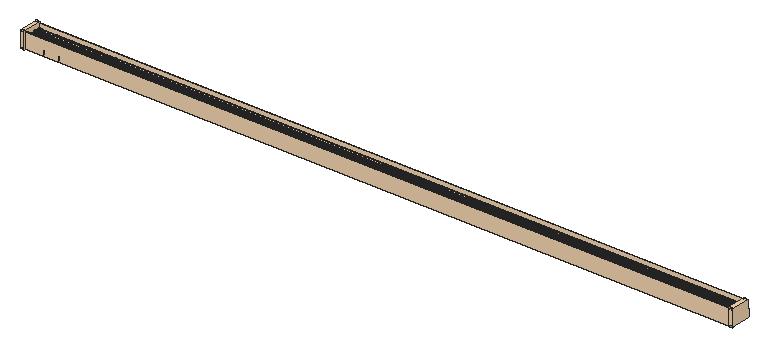
Revit family "Shower-Drain_Cover-KOHLER-Tile-In-K-80651_1", category Specialty Equipment, host Face, Revit 2017
Family settings
  Host = Face
  Round Connector Dimension = Use Diameter
  Part Type = Normal
  OmniClass Number = 23.31.25.00
  Cut with Voids When Loaded = No
  Shared = No
  Room Calculation Point = No
Parameters (values of type "2MB-Vibrant Brushed Moderne Brass")
  Width = 48"  # constant formula
  WaterSense Certified = 1 = 0  # no
  URL = "https://www.us.kohler.com/us/"
  Type = 1
  Product Page URL = "http://www.us.kohler.com/us/catalog/productDetails.jsp?productId=80651"
  Product Name = "TILE-IN"  # constant formula
  Product Documentation Link = "https://www.us.kohler.com/webassets/kpna/catalog/pdf/en/K-80651_spec_US-CA_Kohler_en.pdf"
  Model = if(Type = 1, "K-80651-2MB", if(Type = 2, "K-80651-BL", if(Type = 3, "K-80651-BNK", if(Type = 4, "K-80651-SH", "NA"))))  # "K-80651-2MB"
  Material = "Aluminum"  # constant formula
  Master Format 2014 Name = "Toilet, Bath, and Laundry Accessories"  # constant formula
  Master Format 2014 = "10 28 00"  # constant formula
  Manufacturer Address = "KOHLER Co. 444 Highland Dr. Kohler, WI 53044"  # constant formula
  Manufacturer = "KOHLER Co."  # constant formula
  Length = 1 87/256"  # constant formula
  Height = 1 1/8"  # constant formula
  Finish = Kohler-Metal-2MB-Vibrant_Brushed_Moderne_Brass
  Environmental Product Declaration = ""
  Description = "48 INCH TILE-IN THIN LINEAR DRAIN GRID"  # constant formula
  Default Elevation = 0"
  Declare Label = ""
  Date Modified = "04/16/2021"  # constant formula
  Date Created = "04/16/2021"  # constant formula
  Copyright = "Copyright KOHLER Co."  # constant formula
  Contact Us = "https://www.us.kohler.com/us/static/contact.jsp"
  Assembly Code = "C1030200"
  ADA Compliant = 1 = 0  # no
Types (5): name | Type | Model | Finish
  (no name) | 1 | "K-80651-2MB" | Kohler-Metal-2MB-Vibrant_Brushed_Moderne_Brass
  2MB-Vibrant Brushed Moderne Brass | 1 | "K-80651-2MB" | Kohler-Metal-2MB-Vibrant_Brushed_Moderne_Brass
  BL-Matte Black | 2 | "K-80651-BL" | Kohler-Metal-BL-Matte_Black
  BNK-Anodized Brushed Nickel | 3 | "K-80651-BNK" | Kohler-Metal-BNK-Anodized_Brushed_Nickel
  SH-Bright Silver | 4 | "K-80651-SH" | Kohler-Metal-SH-Bright_Silver
Reference planes (in)
  plane 1 "Center (Front/Back)": y = 0
  plane 2: z = 0
  plane 3 "Center (Left/Right)": x = 0
  plane 4: y = 0.66929
  plane 5: y = 0.62992
  plane 6: y = -0.67055
  plane 7: y = -0.62992
  plane 8: z = -1.125
  plane 9: x = -24
  plane 10: x = 24
Forms (in)
  Extrusion 1, void
    sketch origin (0, 0, 0) x (1, 0, 0) y (0, 1, 0)
      loop
        line (23.75, 0.62992) -> (-23.75, 0.62992) -> (-23.75, 0.68304) -> (-24, 0.68304) -> (-24, -0.6843) -> (-23.75, -0.6843) -> (-23.75, -0.62992) -> (23.75, -0.62992) -> (23.75, -0.6843) -> (24, -0.6843) -> (24, 0.68304) -> (23.75, 0.68304) -> (23.75, 0.62992)
    from 0 to -1.15415
Dimensions and locks (in)
  "Height": level to plane 8
  "Length": plane 4 to plane 6
  plane 5 to plane 7 = 1.25984"
  "Width": plane 9 to plane 10
  aligned and locked: plane 2 to host face
  aligned and locked: level to host face
Automatic sketch dimensions
  host sketch curve to host sketch curve = 96"  (x2)
  plane 5 to Extrusion 1 sketch curve = 0"
  Extrusion 1 sketch curve to plane 7 = 0"
  Extrusion 1 sketch curve to plane 6 = 0.01375"  (x2)
  Extrusion 1 sketch curve to plane 4 = 0.01375"  (x2)
  plane 9 to Extrusion 1 sketch curve = 0"
  Extrusion 1 sketch curve to Extrusion 1 sketch curve = 1/4"  (x3)
  Extrusion 1 sketch curve to plane 10 = 1/4"
  Extrusion 1 sketch curve to Extrusion 1 sketch curve = 0"
Nested families (in)
  nested 1: "K-80651" at (0, 0, 0), type "K-80651"
Definition of nested family "K-80651"
  Parameters (values of type "K-80651")
    Material = none
  Reference planes (in)
    plane 1 "Center (Front/Back)": y = 0
    plane 2: z = 0
    plane 3 "Center (Left/Right)": x = 0
    plane 4: y = 0.66929
    plane 5: y = -0.66929
    plane 6: y = 0.62992
    plane 7: y = -0.62992
    plane 8: z = -1.125
    plane 9: x = -24
    plane 10: x = 24
  Forms (in)
    Extrusion 1, solid, material <- "Material", detail levels medium+fine
      sketch origin (6, 0, 0) x (0, 1, 0) y (0, 0, -1)
        loop
          line (-0.62929, 0) -> (0.62929, 0)
          arc (0.62929, 0) -> (0.65758, 0.01172) -> (0.66929, 0.04) r 0.04
          line (0.66929, 0.04) -> (0.66929, 1.085)
          arc (0.66929, 1.085) -> (0.65758, 1.11328) -> (0.62929, 1.125) r 0.04
          line (0.62929, 1.125) -> (-0.62929, 1.125)
          arc (-0.62929, 1.125) -> (-0.65758, 1.11328) -> (-0.66929, 1.085) r 0.04
          line (-0.66929, 1.085) -> (-0.66929, 0.04)
          arc (-0.66929, 0.04) -> (-0.65758, 0.01172) -> (-0.62929, 0) r 0.04
      from -18 to -17.75
    Extrusion 2, solid, material <- "Material", detail levels medium+fine
      sketch origin (0, 0, 0) x (0, 1, 0) y (0, 0, 1)
        loop
          line (0.565, -0.03923) -> (0.565, -0.33923) -> (0.4936, -0.33923) -> (0.49622, -0.28923) -> (0.46098, -0.28923) -> (0.4636, -0.33923) -> (0.3882, -0.33923) -> (0.39082, -0.28923) -> (0.35558, -0.28923) -> (0.3582, -0.33923) -> (0.2828, -0.33923) -> (0.28542, -0.28923) -> (0.25018, -0.28923) -> (0.2528, -0.33923) -> (0.1774, -0.33923) -> (0.18002, -0.28923) -> (0.14478, -0.28923) -> (0.1474, -0.33923) -> (0.072, -0.33923) -> (0.07462, -0.28923) -> (0.03938, -0.28923) -> (0.042, -0.33923) -> (-0.0334, -0.33923) -> (-0.03078, -0.28923) -> (-0.06602, -0.28923) -> (-0.0634, -0.33923) -> (-0.1388, -0.33923) -> (-0.13618, -0.28923) -> (-0.17142, -0.28923) -> (-0.1688, -0.33923) -> (-0.2442, -0.33923) -> (-0.24158, -0.28923) -> (-0.27682, -0.28923) -> (-0.2742, -0.33923) -> (-0.3496, -0.33923) -> (-0.34698, -0.28923) -> (-0.38222, -0.28923) -> (-0.3796, -0.33923) -> (-0.455, -0.33923) -> (-0.45238, -0.28923) -> (-0.48762, -0.28923) -> (-0.485, -0.33923) -> (-0.565, -0.33923) -> (-0.565, -0.03923) -> (-0.62992, -0.03923) -> (-0.62992, -1.09923) -> (0.62992, -1.09923) -> (0.62992, -0.03923) -> (0.565, -0.03923)
      from -23.75 to 23.75
    Extrusion 3, void
      sketch origin (0, 0, 0) x (1, 0, 0) y (0, 1, 0)
        loop
          circle (-23.49981, -0.4001) r 0.07522
        loop
          circle (-22.51556, -0.4001) r 0.07522
        loop
          circle (-21.49864, -0.4001) r 0.07522
        loop
          circle (-20.49884, -0.4001) r 0.07522
        loop
          circle (-19.50037, -0.4001) r 0.07522
        loop
          circle (-18.50003, -0.4001) r 0.07522
        loop
          circle (-23.49981, 0.4001) r 0.07522
        loop
          circle (-22.51556, 0.4001) r 0.07522
        loop
          circle (-21.49864, 0.4001) r 0.07522
        loop
          circle (-20.49884, 0.4001) r 0.07522
        loop
          circle (-19.50037, 0.4001) r 0.07522
        loop
          circle (-18.50003, 0.4001) r 0.07522
        loop
          circle (-0.50056, -0.40073) r 0.07522
        loop
          circle (5.49962, -0.40073) r 0.07522
        loop
          circle (11.50152, -0.40073) r 0.07522
        loop
          circle (17.50094, -0.40073) r 0.07522
        loop
          circle (23.50045, -0.40073) r 0.07522
        loop
          circle (-0.50056, 0.39947) r 0.07522
        loop
          circle (5.49962, 0.39947) r 0.07522
        loop
          circle (11.50152, 0.39947) r 0.07522
        loop
          circle (17.50094, 0.39947) r 0.07522
        loop
          circle (23.50045, 0.39947) r 0.07522
      from -1.38399 to 0.45587
    Extrusion 4, solid, material <- "Material", detail levels coarse
      sketch origin (0, 0, 0) x (0, 1, 0) y (0, 0, 1)
        loop
          line (0.66929, 0) -> (-0.66929, 0) -> (-0.66929, -1.125) -> (0.66929, -1.125) -> (0.66929, 0)
      from -24 to 24
    Extrusion 5, solid, material <- "Material", detail levels medium+fine
      sketch origin (-6, 0, 0) x (0, 1, 0) y (0, 0, 1)
        loop
          arc (-0.62929, 0) -> (-0.65758, -0.01172) -> (-0.66929, -0.04) r 0.04
          line (-0.66929, -0.04) -> (-0.66929, -1.085)
          arc (-0.66929, -1.085) -> (-0.65758, -1.11328) -> (-0.62929, -1.125) r 0.04
          line (-0.62929, -1.125) -> (0.62929, -1.125)
          arc (0.62929, -1.125) -> (0.65758, -1.11328) -> (0.66929, -1.085) r 0.04
          line (0.66929, -1.085) -> (0.66929, -0.04)
          arc (0.66929, -0.04) -> (0.65758, -0.01172) -> (0.62929, 0) r 0.04
          line (0.62929, 0) -> (-0.62929, 0)
      from -18 to -17.75
  Cuts and joins
    Extrusion 3 cuts Extrusion 2
    joined: Extrusion 1, Extrusion 2
  Lines and regions (in)
    Masking region 1
      outline origin (0, 0, 0) x (1, 0, 0) y (0, 1, 0)
        loop
          line (23.75, 0.62992) -> (-23.75, 0.62992) -> (-23.75, 0.66929) -> (-24, 0.66929) -> (-24, -0.66929) -> (-23.75, -0.66929) -> (-23.75, -0.62992) -> (23.75, -0.62992) -> (23.75, -0.66929) -> (24, -0.66929) -> (24, 0.66929) -> (23.75, 0.66929) -> (23.75, 0.62992)
    Masking region 2
      outline origin (0, 0, 0) x (1, 0, 0) y (0, 0, 1)
        loop
          line (-23.75, -1.09414) -> (23.75, -1.09414) -> (23.75, -1.125) -> (23.97948, -1.125)
          arc (23.97948, -1.125) -> (23.99399, -1.11899) -> (24, -1.10448) r 0.02052
          line (24, -1.10448) -> (24, -0.02052)
          arc (24, -0.02052) -> (23.99399, -0.00601) -> (23.97948, 0) r 0.02052
          line (23.97948, 0) -> (23.75, 0) -> (23.75, -0.05) -> (-23.75, -0.05) -> (-23.75, 0) -> (-23.97948, 0)
          arc (-23.97948, 0) -> (-23.99399, -0.00601) -> (-24, -0.02052) r 0.02052
          line (-24, -0.02052) -> (-24, -1.10448)
          arc (-24, -1.10448) -> (-23.99399, -1.11899) -> (-23.97948, -1.125) r 0.02052
          line (-23.97948, -1.125) -> (-23.75, -1.125) -> (-23.75, -1.09414)
    Masking region 3
      outline origin (0, 0, 0) x (0, 1, 0) y (0, 0, 1)
        loop
          line (0.66929, -1.08984) -> (0.66929, -0.03451)
          arc (0.66929, -0.03451) -> (0.65918, -0.01011) -> (0.63478, 0) r 0.03451
          line (0.63478, 0) -> (-0.63414, 0)
          arc (-0.63414, 0) -> (-0.65899, -0.0103) -> (-0.66929, -0.03516) r 0.03516
          line (-0.66929, -0.03516) -> (-0.66929, -1.08984)
          arc (-0.66929, -1.08984) -> (-0.65899, -1.1147) -> (-0.63414, -1.125) r 0.03516
          line (-0.63414, -1.125) -> (0.63414, -1.125)
          arc (0.63414, -1.125) -> (0.65899, -1.1147) -> (0.66929, -1.08984) r 0.03516
    symbolic lines, detail levels medium+fine
      curve 1: line (0, 0.63497, -0.01172) -> (0, -0.63432, -0.01172)
      curve 2: arc (0, -0.63432, -0.01172) -> (0, -0.6509, -0.01858) -> (0, -0.65776, -0.03516) r 0.02344
      curve 3: line (0, -0.65776, -1.08984) -> (0, -0.65776, -0.03516)
      curve 4: arc (0, -0.63432, -1.11328) -> (0, -0.6509, -1.10642) -> (0, -0.65776, -1.08984) r 0.02344
      curve 5: line (0, 0.63432, -1.11328) -> (0, -0.63432, -1.11328)
      curve 6: arc (0, 0.65776, -1.08984) -> (0, 0.6509, -1.10642) -> (0, 0.63432, -1.11328) r 0.02344
      curve 7: arc (0, 0.65776, -0.03451) -> (0, 0.65109, -0.01839) -> (0, 0.63497, -0.01172) r 0.02279
      curve 8: line (0, 0.65776, -1.08984) -> (0, 0.65776, -0.03451)
      curve 9: line (-23.75, 0.62992, 0) -> (-23.75, -0.62992, 0)
      curve 10: arc (-18.57467, 0.39082, 0) -> (-18.56851, 0.42984, 0) -> (-18.5442, 0.46098, 0) r 0.07887
      curve 11: arc (-18.56065, 0.35558, 0) -> (-18.50003, 0.32575, 0) -> (-18.4394, 0.35558, 0) r 0.07653
      curve 12: arc (-18.42538, 0.39082, 0) -> (-18.43115, 0.43001, 0) -> (-18.45586, 0.46098, 0) r 0.07602
      curve 13: arc (-19.57501, 0.39082, 0) -> (-19.56885, 0.42984, 0) -> (-19.54454, 0.46098, 0) r 0.07887
      curve 14: arc (-19.56099, 0.35558, 0) -> (-19.50037, 0.32575, 0) -> (-19.43974, 0.35558, 0) r 0.07653
      curve 15: arc (-19.42573, 0.39082, 0) -> (-19.43149, 0.43001, 0) -> (-19.4562, 0.46098, 0) r 0.07602
      curve 16: arc (-20.57348, 0.39082, 0) -> (-20.56732, 0.42984, 0) -> (-20.54301, 0.46098, 0) r 0.07887
      curve 17: arc (-20.55947, 0.35558, 0) -> (-20.49884, 0.32575, 0) -> (-20.43821, 0.35558, 0) r 0.07653
      curve 18: arc (-20.4242, 0.39082, 0) -> (-20.42997, 0.43001, 0) -> (-20.45467, 0.46098, 0) r 0.07602
      curve 19: arc (-21.57328, 0.39082, 0) -> (-21.56712, 0.42984, 0) -> (-21.54281, 0.46098, 0) r 0.07887
      curve 20: arc (-21.55927, 0.35558, 0) -> (-21.49864, 0.32575, 0) -> (-21.43801, 0.35558, 0) r 0.07653
      curve 21: arc (-21.424, 0.39082, 0) -> (-21.42977, 0.43001, 0) -> (-21.45447, 0.46098, 0) r 0.07602
      curve 22: arc (-22.5902, 0.39082, 0) -> (-22.58404, 0.42984, 0) -> (-22.55973, 0.46098, 0) r 0.07887
      curve 23: arc (-22.57618, 0.35558, 0) -> (-22.51556, 0.32575, 0) -> (-22.45493, 0.35558, 0) r 0.07653
      curve 24: arc (-22.44091, 0.39082, 0) -> (-22.44668, 0.43001, 0) -> (-22.47139, 0.46098, 0) r 0.07602
      curve 25: arc (-23.57445, 0.39082, 0) -> (-23.56829, 0.42984, 0) -> (-23.54398, 0.46098, 0) r 0.07887
      curve 26: arc (-23.56044, 0.35558, 0) -> (-23.49981, 0.32575, 0) -> (-23.43918, 0.35558, 0) r 0.07653
      curve 27: arc (-23.42517, 0.39082, 0) -> (-23.43094, 0.43001, 0) -> (-23.45564, 0.46098, 0) r 0.07602
      curve 28: arc (-23.57236, -0.38222, 0) -> (-23.56481, -0.36332, 0) -> (-23.55268, -0.34698, 0) r 0.07887
      curve 29: arc (-23.55357, -0.45238, 0) -> (-23.49981, -0.47445, 0) -> (-23.44605, -0.45238, 0) r 0.07653
      curve 30: arc (-23.42687, -0.38222, 0) -> (-23.43437, -0.36326, 0) -> (-23.44665, -0.34698, 0) r 0.07602
      curve 31: arc (-22.5902, -0.40938, 0) -> (-22.58404, -0.37035, 0) -> (-22.55973, -0.33922, 0) r 0.07887
      curve 32: arc (-22.57618, -0.44462, 0) -> (-22.51556, -0.47445, 0) -> (-22.45493, -0.44462, 0) r 0.07653
      curve 33: arc (-22.44091, -0.40938, 0) -> (-22.44668, -0.37018, 0) -> (-22.47139, -0.33922, 0) r 0.07602
      curve 34: arc (-21.57119, -0.38222, 0) -> (-21.56364, -0.36332, 0) -> (-21.55151, -0.34698, 0) r 0.07887
      curve 35: arc (-21.5524, -0.45238, 0) -> (-21.49864, -0.47445, 0) -> (-21.44488, -0.45238, 0) r 0.07653
      curve 36: arc (-21.4257, -0.38222, 0) -> (-21.4332, -0.36326, 0) -> (-21.44548, -0.34698, 0) r 0.07602
      curve 37: arc (-20.57139, -0.38222, 0) -> (-20.56384, -0.36332, 0) -> (-20.55171, -0.34698, 0) r 0.07887
      curve 38: arc (-20.5526, -0.45238, 0) -> (-20.49884, -0.47445, 0) -> (-20.44508, -0.45238, 0) r 0.07653
      curve 39: arc (-20.4259, -0.38222, 0) -> (-20.4334, -0.36326, 0) -> (-20.44568, -0.34698, 0) r 0.07602
      curve 40: arc (-19.57291, -0.38222, 0) -> (-19.56537, -0.36332, 0) -> (-19.55323, -0.34698, 0) r 0.07887
      curve 41: arc (-19.55413, -0.45238, 0) -> (-19.50037, -0.47445, 0) -> (-19.44661, -0.45238, 0) r 0.07653
      curve 42: arc (-19.42742, -0.38222, 0) -> (-19.43493, -0.36326, 0) -> (-19.4472, -0.34698, 0) r 0.07602
      curve 43: arc (-18.57257, -0.38222, 0) -> (-18.56503, -0.36332, 0) -> (-18.55289, -0.34698, 0) r 0.07887
      curve 44: arc (-18.55379, -0.45238, 0) -> (-18.50003, -0.47445, 0) -> (-18.44626, -0.45238, 0) r 0.07653
      curve 45: arc (-18.42708, -0.38222, 0) -> (-18.43459, -0.36326, 0) -> (-18.44686, -0.34698, 0) r 0.07602
      curve 46: line (23.75, 0.63055, 0) -> (23.75, -0.62929, 0)
      curve 47: arc (23.42581, 0.39145, 0) -> (23.43197, 0.43047, 0) -> (23.45628, 0.46161, 0) r 0.07887
      curve 48: arc (23.43982, 0.35621, 0) -> (23.50045, 0.32638, 0) -> (23.56108, 0.35621, 0) r 0.07653
      curve 49: arc (23.57509, 0.39145, 0) -> (23.56932, 0.43064, 0) -> (23.54462, 0.46161, 0) r 0.07602
      curve 50: arc (17.4263, 0.39145, 0) -> (17.43246, 0.43047, 0) -> (17.45677, 0.46161, 0) r 0.07887
      curve 51: arc (17.44031, 0.35621, 0) -> (17.50094, 0.32638, 0) -> (17.56157, 0.35621, 0) r 0.07653
      curve 52: arc (17.57558, 0.39145, 0) -> (17.56981, 0.43064, 0) -> (17.54511, 0.46161, 0) r 0.07602
      curve 53: arc (11.42688, 0.39145, 0) -> (11.43304, 0.43047, 0) -> (11.45735, 0.46161, 0) r 0.07887
      curve 54: arc (11.44089, 0.35621, 0) -> (11.50152, 0.32638, 0) -> (11.56215, 0.35621, 0) r 0.07653
      curve 55: arc (11.57616, 0.39145, 0) -> (11.57039, 0.43064, 0) -> (11.54569, 0.46161, 0) r 0.07602
      curve 56: arc (5.42498, 0.39145, 0) -> (5.43114, 0.43047, 0) -> (5.45545, 0.46161, 0) r 0.07887
      curve 57: arc (5.43899, 0.35621, 0) -> (5.49962, 0.32638, 0) -> (5.56025, 0.35621, 0) r 0.07653
      curve 58: arc (5.57426, 0.39145, 0) -> (5.56849, 0.43064, 0) -> (5.54379, 0.46161, 0) r 0.07602
      curve 59: arc (-0.5752, 0.39145, 0) -> (-0.56904, 0.43047, 0) -> (-0.54473, 0.46161, 0) r 0.07887
      curve 60: arc (-0.56119, 0.35621, 0) -> (-0.50056, 0.32638, 0) -> (-0.43993, 0.35621, 0) r 0.07653
      curve 61: arc (-0.42592, 0.39145, 0) -> (-0.43169, 0.43064, 0) -> (-0.45639, 0.46161, 0) r 0.07602
      curve 62: arc (-0.57311, -0.38159, 0) -> (-0.56556, -0.36269, 0) -> (-0.55343, -0.34635, 0) r 0.07887
      curve 63: arc (-0.55432, -0.45175, 0) -> (-0.50056, -0.47382, 0) -> (-0.4468, -0.45175, 0) r 0.07653
      curve 64: arc (-0.42762, -0.38159, 0) -> (-0.43512, -0.36263, 0) -> (-0.4474, -0.34635, 0) r 0.07602
      curve 65: arc (5.42707, -0.38159, 0) -> (5.43462, -0.36269, 0) -> (5.44676, -0.34635, 0) r 0.07887
      curve 66: arc (5.44586, -0.45175, 0) -> (5.49962, -0.47382, 0) -> (5.55338, -0.45175, 0) r 0.07653
      curve 67: arc (5.57257, -0.38159, 0) -> (5.56506, -0.36263, 0) -> (5.55279, -0.34635, 0) r 0.07602
      curve 68: arc (11.42897, -0.38159, 0) -> (11.43652, -0.36269, 0) -> (11.44865, -0.34635, 0) r 0.07887
      curve 69: arc (11.44776, -0.45175, 0) -> (11.50152, -0.47382, 0) -> (11.55528, -0.45175, 0) r 0.07653
      curve 70: arc (11.57446, -0.38159, 0) -> (11.56696, -0.36263, 0) -> (11.55468, -0.34635, 0) r 0.07602
      curve 71: arc (17.42839, -0.38159, 0) -> (17.43594, -0.36269, 0) -> (17.44808, -0.34635, 0) r 0.07887
      curve 72: arc (17.44718, -0.45175, 0) -> (17.50094, -0.47382, 0) -> (17.5547, -0.45175, 0) r 0.07653
      curve 73: arc (17.57389, -0.38159, 0) -> (17.56638, -0.36263, 0) -> (17.55411, -0.34635, 0) r 0.07602
      curve 74: arc (23.4279, -0.38159, 0) -> (23.43545, -0.36269, 0) -> (23.44758, -0.34635, 0) r 0.07887
      curve 75: arc (23.44669, -0.45175, 0) -> (23.50045, -0.47382, 0) -> (23.55421, -0.45175, 0) r 0.07653
      curve 76: arc (23.57339, -0.38159, 0) -> (23.56589, -0.36263, 0) -> (23.55361, -0.34635, 0) r 0.07602
      curve 77: line (-23.75, 0, -0.05) -> (-23.75, 0, -1.09414)
      curve 78: line (-23.97948, 0, -1.125) -> (-23.97948, 0, 0)
      curve 79: line (23.75, 0, -0.04) -> (23.75, 0, -1.09414)
      curve 80: line (23.97948, 0, 0) -> (23.97948, 0, -1.125)
      curve 81: line (23.75, -0.565, 0) -> (-23.75, -0.565, 0)
      curve 82: line (-23.75, -0.48762, 0) -> (23.75, -0.48762, 0)
      curve 83: line (-23.75, -0.27682, 0) -> (23.75, -0.27682, 0)
      curve 84: line (-23.75, -0.24158, 0) -> (23.75, -0.24158, 0)
      curve 85: line (-23.75, -0.17142, 0) -> (23.75, -0.17142, 0)
      curve 86: line (-23.75, -0.13618, 0) -> (23.75, -0.13618, 0)
      curve 87: line (-23.75, -0.06602, 0) -> (23.75, -0.06602, 0)
      curve 88: line (-23.75, -0.03078, 0) -> (23.75, -0.03078, 0)
      curve 89: line (-23.75, 0.03938, 0) -> (23.75, 0.03938, 0)
      curve 90: line (-23.75, 0.07462, 0) -> (23.75, 0.07462, 0)
      curve 91: line (-23.75, 0.14478, 0) -> (23.75, 0.14478, 0)
      curve 92: line (-23.75, 0.18002, 0) -> (23.75, 0.18002, 0)
      curve 93: line (-23.75, 0.25018, 0) -> (23.75, 0.25018, 0)
      curve 94: line (-23.75, 0.28542, 0) -> (23.75, 0.28542, 0)
      curve 95: line (-23.75, 0.49622, 0) -> (23.75, 0.49622, 0)
      curve 96: line (-23.75, 0.565, 0) -> (23.75, 0.565, 0)
      curve 97: line (-18.45586, 0.46098, 0) -> (-0.54473, 0.46098, 0)
      curve 98: line (-18.42538, 0.39082, 0) -> (-0.5752, 0.39082, 0)
      curve 99: line (-18.4394, 0.35558, 0) -> (-0.56119, 0.35558, 0)
      curve 100: line (-18.44677, -0.34698, 0) -> (-0.55381, -0.34698, 0)
      curve 101: line (-18.42696, -0.38222, 0) -> (-0.57362, -0.38222, 0)
      curve 102: line (-18.44595, -0.45238, 0) -> (-0.55464, -0.45238, 0)
      curve 103: line (-23.75, -0.45238, 0) -> (-23.55388, -0.45238, 0)
      curve 104: line (-23.75, -0.38222, 0) -> (-23.57287, -0.38222, 0)
      curve 105: line (-23.75, -0.34698, 0) -> (-23.55306, -0.34698, 0)
      curve 106: line (-23.75, 0.35558, 0) -> (-23.56044, 0.35558, 0)
      curve 107: line (-23.75, 0.39082, 0) -> (-23.57445, 0.39082, 0)
      curve 108: arc (-23.45564, 0.46098, 0) -> (-23.49981, 0.47531, 0) -> (-23.54398, 0.46098, 0) r 0.07522
      curve 109: line (-23.75, 0.46098, 0) -> (-23.54398, 0.46098, 0)
      curve 110: line (-23.45564, 0.46098, 0) -> (-22.55973, 0.46098, 0)
      curve 111: line (-23.43918, 0.35558, 0) -> (-22.57618, 0.35558, 0)
      curve 112: arc (-22.5902, 0.39082, 0) -> (-22.58545, 0.3723, 0) -> (-22.57618, 0.35558, 0) r 0.07522
      curve 113: arc (-22.47139, 0.46098, 0) -> (-22.51556, 0.47531, 0) -> (-22.55973, 0.46098, 0) r 0.07522
      curve 114: line (-22.47139, 0.46098, 0) -> (-21.54281, 0.46098, 0)
      curve 115: line (-22.44091, 0.39082, 0) -> (-21.57328, 0.39082, 0)
      curve 116: line (-22.45493, 0.35558, 0) -> (-21.55927, 0.35558, 0)
      curve 117: arc (-23.57287, -0.38222, 0) -> (-23.57241, -0.41975, 0) -> (-23.55388, -0.45238, 0) r 0.07522
      curve 118: arc (-23.44656, -0.34698, 0) -> (-23.49981, -0.32488, 0) -> (-23.55306, -0.34698, 0) r 0.07522
      curve 119: line (-23.44573, -0.45238, 0) -> (-22.56963, -0.45238, 0)
      curve 120: line (-23.42675, -0.38222, 0) -> (-22.58862, -0.38222, 0)
      curve 121: line (-23.44656, -0.34698, 0) -> (-22.56881, -0.34698, 0)
      curve 122: line (-22.4623, -0.34698, 0) -> (-21.5519, -0.34698, 0)
      curve 123: line (-22.4425, -0.38222, 0) -> (-21.5717, -0.38222, 0)
      curve 124: line (-22.46148, -0.45238, 0) -> (-21.55272, -0.45238, 0)
      curve 125: arc (-22.58862, -0.38222, 0) -> (-22.58816, -0.41975, 0) -> (-22.56963, -0.45238, 0) r 0.07522
      curve 126: arc (-22.4623, -0.34698, 0) -> (-22.51556, -0.32488, 0) -> (-22.56881, -0.34698, 0) r 0.07522
      curve 127: arc (-21.44539, -0.34698, 0) -> (-21.49864, -0.32488, 0) -> (-21.5519, -0.34698, 0) r 0.07522
      curve 128: arc (-21.5717, -0.38222, 0) -> (-21.57125, -0.41975, 0) -> (-21.55272, -0.45238, 0) r 0.07522
      curve 129: line (-21.44457, -0.45238, 0) -> (-20.55292, -0.45238, 0)
      curve 130: line (-21.42558, -0.38222, 0) -> (-20.5719, -0.38222, 0)
      curve 131: line (-21.44539, -0.34698, 0) -> (-20.55209, -0.34698, 0)
      curve 132: line (-21.45447, 0.46098, 0) -> (-20.54301, 0.46098, 0)
      curve 133: line (-21.424, 0.39082, 0) -> (-20.57348, 0.39082, 0)
      curve 134: line (-21.43801, 0.35558, 0) -> (-20.55947, 0.35558, 0)
      curve 135: arc (-21.57328, 0.39082, 0) -> (-21.56853, 0.3723, 0) -> (-21.55927, 0.35558, 0) r 0.07522
      curve 136: arc (-21.45447, 0.46098, 0) -> (-21.49864, 0.47531, 0) -> (-21.54281, 0.46098, 0) r 0.07522
      curve 137: line (-20.44476, -0.45238, 0) -> (-19.55444, -0.45238, 0)
      curve 138: line (-20.42578, -0.38222, 0) -> (-19.57343, -0.38222, 0)
      curve 139: line (-20.44559, -0.34698, 0) -> (-19.55362, -0.34698, 0)
      curve 140: arc (-20.44559, -0.34698, 0) -> (-20.49884, -0.32488, 0) -> (-20.55209, -0.34698, 0) r 0.07522
      curve 141: arc (-20.5719, -0.38222, 0) -> (-20.57145, -0.41975, 0) -> (-20.55292, -0.45238, 0) r 0.07522
      curve 142: arc (-19.57343, -0.38222, 0) -> (-19.57297, -0.41975, 0) -> (-19.55444, -0.45238, 0) r 0.07522
      curve 143: arc (-19.44711, -0.34698, 0) -> (-19.50037, -0.32488, 0) -> (-19.55362, -0.34698, 0) r 0.07522
      curve 144: line (-19.44711, -0.34698, 0) -> (-18.55328, -0.34698, 0)
      curve 145: line (-19.42731, -0.38222, 0) -> (-18.57309, -0.38222, 0)
      curve 146: line (-19.44629, -0.45238, 0) -> (-18.5541, -0.45238, 0)
      curve 147: arc (-20.45467, 0.46098, 0) -> (-20.49884, 0.47531, 0) -> (-20.54301, 0.46098, 0) r 0.07522
      curve 148: line (-20.45467, 0.46098, 0) -> (-19.54454, 0.46098, 0)
      curve 149: line (-20.4242, 0.39082, 0) -> (-19.57501, 0.39082, 0)
      curve 150: line (-20.43821, 0.35558, 0) -> (-19.56099, 0.35558, 0)
      curve 151: arc (-20.57348, 0.39082, 0) -> (-20.56873, 0.3723, 0) -> (-20.55947, 0.35558, 0) r 0.07522
      curve 152: line (-19.43974, 0.35558, 0) -> (-18.56065, 0.35558, 0)
      curve 153: line (-19.42573, 0.39082, 0) -> (-18.57467, 0.39082, 0)
      curve 154: arc (-19.4562, 0.46098, 0) -> (-19.50037, 0.47531, 0) -> (-19.54454, 0.46098, 0) r 0.07522
      curve 155: arc (-19.57501, 0.39082, 0) -> (-19.57026, 0.3723, 0) -> (-19.56099, 0.35558, 0) r 0.07522
      curve 156: line (-19.4562, 0.46098, 0) -> (-18.5442, 0.46098, 0)
      curve 157: arc (-18.57467, 0.39082, 0) -> (-18.56992, 0.3723, 0) -> (-18.56065, 0.35558, 0) r 0.07522
      curve 158: arc (-18.45586, 0.46098, 0) -> (-18.50003, 0.47531, 0) -> (-18.5442, 0.46098, 0) r 0.07522
      curve 159: arc (-18.57309, -0.38222, 0) -> (-18.57263, -0.41975, 0) -> (-18.5541, -0.45238, 0) r 0.07522
      curve 160: arc (-18.44677, -0.34698, 0) -> (-18.50003, -0.32488, 0) -> (-18.55328, -0.34698, 0) r 0.07522
      curve 161: line (-23.75, 0.565, 0) -> (-23.75, 0.49622, 0)
      curve 162: line (-23.75, 0.46098, 0) -> (-23.75, 0.39082, 0)
      curve 163: line (-23.75, 0.35558, 0) -> (-23.75, 0.28542, 0)
      curve 164: line (-23.75, 0.25018, 0) -> (-23.75, 0.18002, 0)
      curve 165: line (-23.75, 0.14478, 0) -> (-23.75, 0.07462, 0)
      curve 166: line (-23.75, 0.03938, 0) -> (-23.75, -0.03078, 0)
      curve 167: line (-23.75, -0.06602, 0) -> (-23.75, -0.13618, 0)
      curve 168: line (-23.75, -0.17142, 0) -> (-23.75, -0.24158, 0)
      curve 169: line (-23.75, -0.27682, 0) -> (-23.75, -0.34698, 0)
      curve 170: line (-23.75, -0.38222, 0) -> (-23.75, -0.45238, 0)
      curve 171: line (-23.75, -0.48762, 0) -> (-23.75, -0.565, 0)
      curve 172: line (-23.42517, 0.39082, 0) -> (-22.5902, 0.39082, 0)
      curve 173: arc (-22.45493, 0.35558, 0) -> (-22.44566, 0.3723, 0) -> (-22.44091, 0.39082, 0) r 0.07522
      curve 174: arc (-21.43801, 0.35558, 0) -> (-21.42875, 0.3723, 0) -> (-21.424, 0.39082, 0) r 0.07522
      curve 175: arc (-20.43821, 0.35558, 0) -> (-20.42895, 0.3723, 0) -> (-20.4242, 0.39082, 0) r 0.07522
      curve 176: arc (-19.43974, 0.35558, 0) -> (-19.43047, 0.3723, 0) -> (-19.42573, 0.39082, 0) r 0.07522
      curve 177: arc (-22.46148, -0.45238, 0) -> (-22.44295, -0.41975, 0) -> (-22.4425, -0.38222, 0) r 0.07522
      curve 178: arc (-21.44457, -0.45238, 0) -> (-21.42604, -0.41975, 0) -> (-21.42558, -0.38222, 0) r 0.07522
      curve 179: arc (-20.44476, -0.45238, 0) -> (-20.42623, -0.41975, 0) -> (-20.42578, -0.38222, 0) r 0.07522
      curve 180: arc (-19.44629, -0.45238, 0) -> (-19.42776, -0.41975, 0) -> (-19.42731, -0.38222, 0) r 0.07522
      curve 181: arc (-23.44573, -0.45238, 0) -> (-23.4272, -0.41975, 0) -> (-23.42675, -0.38222, 0) r 0.07522
      curve 182: arc (-23.42517, 0.39082, 0) -> (-23.42992, 0.3723, 0) -> (-23.43918, 0.35558, 0) r 0.07522
      curve 183: arc (-23.57445, 0.39082, 0) -> (-23.5697, 0.3723, 0) -> (-23.56044, 0.35558, 0) r 0.07522
      curve 184: arc (-18.4394, 0.35558, 0) -> (-18.43013, 0.3723, 0) -> (-18.42538, 0.39082, 0) r 0.07522
      curve 185: arc (-18.44595, -0.45238, 0) -> (-18.42742, -0.41975, 0) -> (-18.42696, -0.38222, 0) r 0.07522
      curve 186: line (-0.45639, 0.46098, 0) -> (5.45545, 0.46098, 0)
      curve 187: line (-0.42592, 0.39082, 0) -> (5.42498, 0.39082, 0)
      curve 188: line (-0.43993, 0.35558, 0) -> (5.43899, 0.35558, 0)
      curve 189: line (-0.44731, -0.34698, 0) -> (5.44637, -0.34698, 0)
      curve 190: line (-0.4275, -0.38222, 0) -> (5.42656, -0.38222, 0)
      curve 191: line (-0.44648, -0.45238, 0) -> (5.44555, -0.45238, 0)
      curve 192: arc (-0.57362, -0.38222, 0) -> (-0.57317, -0.41975, 0) -> (-0.55464, -0.45238, 0) r 0.07522
      curve 193: arc (-0.44731, -0.34698, 0) -> (-0.50056, -0.32488, 0) -> (-0.55381, -0.34698, 0) r 0.07522
      curve 194: arc (-0.5752, 0.39082, 0) -> (-0.57045, 0.3723, 0) -> (-0.56119, 0.35558, 0) r 0.07522
      curve 195: arc (-0.45639, 0.46098, 0) -> (-0.50056, 0.47531, 0) -> (-0.54473, 0.46098, 0) r 0.07522
      curve 196: arc (5.42498, 0.39082, 0) -> (5.42973, 0.3723, 0) -> (5.43899, 0.35558, 0) r 0.07522
      curve 197: arc (5.54379, 0.46098, 0) -> (5.49962, 0.47531, 0) -> (5.45545, 0.46098, 0) r 0.07522
      curve 198: line (5.54379, 0.46098, 0) -> (11.45735, 0.46098, 0)
      curve 199: line (5.57426, 0.39082, 0) -> (11.42688, 0.39082, 0)
      curve 200: line (5.56025, 0.35558, 0) -> (11.44089, 0.35558, 0)
      curve 201: arc (5.42656, -0.38222, 0) -> (5.42702, -0.41975, 0) -> (5.44555, -0.45238, 0) r 0.07522
      curve 202: arc (5.55288, -0.34698, 0) -> (5.49962, -0.32488, 0) -> (5.44637, -0.34698, 0) r 0.07522
      curve 203: line (5.55288, -0.34698, 0) -> (11.44827, -0.34698, 0)
      curve 204: line (5.57268, -0.38222, 0) -> (11.42846, -0.38222, 0)
      curve 205: line (5.5537, -0.45238, 0) -> (11.44745, -0.45238, 0)
      curve 206: arc (11.55478, -0.34698, 0) -> (11.50152, -0.32488, 0) -> (11.44827, -0.34698, 0) r 0.07522
      curve 207: arc (11.42846, -0.38222, 0) -> (11.42892, -0.41975, 0) -> (11.44745, -0.45238, 0) r 0.07522
      curve 208: line (11.5556, -0.45238, 0) -> (17.44687, -0.45238, 0)
      curve 209: line (11.57458, -0.38222, 0) -> (17.42788, -0.38222, 0)
      curve 210: line (11.55478, -0.34698, 0) -> (17.44769, -0.34698, 0)
      curve 211: arc (11.42688, 0.39082, 0) -> (11.43163, 0.3723, 0) -> (11.44089, 0.35558, 0) r 0.07522
      curve 212: line (11.56215, 0.35558, 0) -> (17.44031, 0.35558, 0)
      curve 213: line (11.57616, 0.39082, 0) -> (17.4263, 0.39082, 0)
      curve 214: arc (11.54569, 0.46098, 0) -> (11.50152, 0.47531, 0) -> (11.45735, 0.46098, 0) r 0.07522
      curve 215: line (11.54569, 0.46098, 0) -> (17.45677, 0.46098, 0)
      curve 216: line (17.54511, 0.46098, 0) -> (23.45628, 0.46098, 0)
      curve 217: line (17.57558, 0.39082, 0) -> (23.42581, 0.39082, 0)
      curve 218: line (17.56157, 0.35558, 0) -> (23.43982, 0.35558, 0)
      curve 219: arc (17.4263, 0.39082, 0) -> (17.43105, 0.3723, 0) -> (17.44031, 0.35558, 0) r 0.07522
      curve 220: arc (17.54511, 0.46098, 0) -> (17.50094, 0.47531, 0) -> (17.45677, 0.46098, 0) r 0.07522
      curve 221: arc (17.42788, -0.38222, 0) -> (17.42834, -0.41975, 0) -> (17.44687, -0.45238, 0) r 0.07522
      curve 222: arc (17.5542, -0.34698, 0) -> (17.50094, -0.32488, 0) -> (17.44769, -0.34698, 0) r 0.07522
      curve 223: line (17.5542, -0.34698, 0) -> (23.4472, -0.34698, 0)
      curve 224: line (17.574, -0.38222, 0) -> (23.42739, -0.38222, 0)
      curve 225: line (17.55502, -0.45238, 0) -> (23.44638, -0.45238, 0)
      curve 226: line (23.57351, -0.38222, 0) -> (23.75, -0.38222, 0)
      curve 227: line (23.5537, -0.34698, 0) -> (23.75, -0.34698, 0)
      curve 228: line (23.55453, -0.45238, 0) -> (23.75, -0.45238, 0)
      curve 229: arc (23.42739, -0.38222, 0) -> (23.42785, -0.41975, 0) -> (23.44638, -0.45238, 0) r 0.07522
      curve 230: arc (23.5537, -0.34698, 0) -> (23.50045, -0.32488, 0) -> (23.4472, -0.34698, 0) r 0.07522
      curve 231: line (23.54462, 0.46098, 0) -> (23.75, 0.46098, 0)
      curve 232: line (23.57509, 0.39082, 0) -> (23.75, 0.39082, 0)
      curve 233: line (23.56108, 0.35558, 0) -> (23.75, 0.35558, 0)
      curve 234: arc (23.42581, 0.39082, 0) -> (23.43056, 0.3723, 0) -> (23.43982, 0.35558, 0) r 0.07522
      curve 235: arc (23.54462, 0.46098, 0) -> (23.50045, 0.47531, 0) -> (23.45628, 0.46098, 0) r 0.07522
      curve 236: arc (-0.44648, -0.45238, 0) -> (-0.42796, -0.41975, 0) -> (-0.4275, -0.38222, 0) r 0.07522
      curve 237: arc (-0.43993, 0.35558, 0) -> (-0.43067, 0.3723, 0) -> (-0.42592, 0.39082, 0) r 0.07522
      curve 238: arc (5.56025, 0.35558, 0) -> (5.56951, 0.3723, 0) -> (5.57426, 0.39082, 0) r 0.07522
      curve 239: arc (5.5537, -0.45238, 0) -> (5.57223, -0.41975, 0) -> (5.57268, -0.38222, 0) r 0.07522
      curve 240: arc (11.5556, -0.45238, 0) -> (11.57413, -0.41975, 0) -> (11.57458, -0.38222, 0) r 0.07522
      curve 241: arc (11.56215, 0.35558, 0) -> (11.57141, 0.3723, 0) -> (11.57616, 0.39082, 0) r 0.07522
      curve 242: arc (17.55502, -0.45238, 0) -> (17.57355, -0.41975, 0) -> (17.574, -0.38222, 0) r 0.07522
      curve 243: arc (17.56157, 0.35558, 0) -> (17.57083, 0.3723, 0) -> (17.57558, 0.39082, 0) r 0.07522
      curve 244: arc (23.55453, -0.45238, 0) -> (23.57306, -0.41975, 0) -> (23.57351, -0.38222, 0) r 0.07522
      curve 245: arc (23.56108, 0.35558, 0) -> (23.57034, 0.3723, 0) -> (23.57509, 0.39082, 0) r 0.07522
      curve 246: line (23.75, 0.565, 0) -> (23.75, 0.49622, 0)
      curve 247: line (23.75, 0.46098, 0) -> (23.75, 0.39082, 0)
      curve 248: line (23.75, 0.35558, 0) -> (23.75, 0.28542, 0)
      curve 249: line (23.75, 0.25018, 0) -> (23.75, 0.18002, 0)
      curve 250: line (23.75, 0.14478, 0) -> (23.75, 0.07462, 0)
      curve 251: line (23.75, 0.03938, 0) -> (23.75, -0.03078, 0)
      curve 252: line (23.75, -0.06602, 0) -> (23.75, -0.13618, 0)
      curve 253: line (23.75, -0.17142, 0) -> (23.75, -0.24158, 0)
      curve 254: line (23.75, -0.27682, 0) -> (23.75, -0.34698, 0)
      curve 255: line (23.75, -0.38222, 0) -> (23.75, -0.45238, 0)
      curve 256: line (23.75, -0.48762, 0) -> (23.75, -0.565, 0)
  Dimensions and locks (in)
    plane 6 to plane 7 = 1.25984"  (x2)
    level to plane 8 = 1 1/8"
    plane 9 to plane 3 "Center (Left/Right)" = 24"
    plane 5 to plane 1 "Center (Front/Back)" = 0.66929"
    aligned and locked: plane 2 to level
